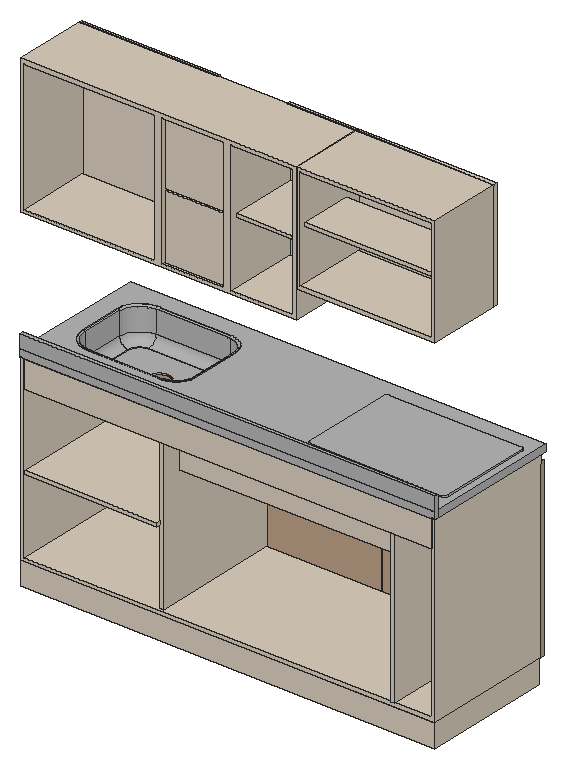
Revit family "CM0006781_Cocina Savona Izquierda", category Generic Models, host Wall, Revit 2019
Family settings
  Host = Wall
  Can host rebar = No
  Round Connector Dimension = Use Diameter
  Part Type = Normal
  OmniClass Number = 23.21.23.23.13
  OmniClass Title = Residential Food Cookers
  Always vertical = Yes
  Cut with Voids When Loaded = No
  Shared = No
  Room Calculation Point = No
Parameters (values of type "Ref. CM0006781 COCINA SAVONA 1.80 IZQUIERDA")
  URL = "https://corona.co/productos/muebles-para-cocinas/cocina-savona/p/cocina-savona-derecha"
  Resistencia a la humedad = "Hinchamiento < o =8%."  # constant formula
  Profundidad Mueble Superior = 335.0 mm
  Profundidad Mueble Inferior = 592.0 mm
  Peso Neto aproximado mueble superior = "52,4 kg."  # constant formula
  Peso Neto aproximado mueble inferior = "67,2 kg."  # constant formula
  Material puertas Modulo inferior = Corona_Madera_Coñac
  Material modulo superior = Corona_MDP_Taupe
  Material mesón = Corona_Cuarzo
  Material Modulo inferior = Corona_MDP_Taupe
  Manufacturer = "Corona"  # constant formula
  Garantía del mesón = "10 años"  # constant formula
  Garantía de los herrajes = "1 año"  # constant formula
  Garantía de la madera = "1 año"  # constant formula
  Dimensiones generales mueble superior (H*W*L). = "613 x 335 x 1799mm."  # constant formula
  Dimensiones generales del mueble inferior (H*W*L) = "890 x 592 x 1799mm."  # constant formula
  Description = "Esta cocina de diseño contemporáneo está disponible en una combinación de color Taupé, en su mueble superior, y Coñac en su mueble inferior, generando un contraste de tonos acorde a las tendencias actuales de diseño. Asímismo, se complementa con el detalle de un nicho metálico en el mueble superior.\r\nSus puertas lisas (sin manijas expuestas) aportan limpieza y continuidad al diseño, lo cual se complementa con un mesón en CoronaStone®. Incluye lavaplatos y cubierta con 4 fogones integrados, además de accesorios como vajillero en acero inoxidable, cajón doble con cubertero y cajón condimentero de dos niveles, para hacer más cómodo tu almacenamiento.\r\nEn todo el mueble, los cantos o recubrimiento de bordes cuentan con mayor espesor y rigidez al estándar del mercado, brindando un acabado estético superior y mayor protección a posibles filtraciones de humedad.\r\nMesón CoronaStone® con lavaplatos y cubierta integrados.\r\nDisfruta de la máxima capacidad de almacenamiento y comodidad en el uso, esta es la solución integral de fácil instalación."  # constant formula
  Date Created = "03/08/2020"  # constant formula
  Created by = "IDD"  # constant formula
  Carga máxima mueble inferior = "90 kg."  # constant formula
  Carga máxima Mueble Superior = "42 kg."  # constant formula
  Ancho Mueble inferior = 1799.0 mm
  Ancho Mueble Superior = 1799.0 mm
  Alto Mueble Superior = 613.0 mm
  Alto Mueble Inferior = 890.5 mm
Reference planes
  plane 1 "Wall": y = 0
  plane 2 "Center (Left/Right)": x = 125
  plane 3 "Back": y = 75
  plane 4: x = -774.5
  plane 5: x = 1024.5
  plane 6: y = 667
  plane 7: x = -759.5
  plane 8: x = -180.5
  plane 9: x = 849.5
  plane 10: x = 1009.5
  plane 11: x = 834.5
  plane 12: x = -165.5
  plane 13: y = 652
  plane 14: y = 90
  plane 15: z = 890.5
  plane 16: y = 563
  plane 17: y = 548
  plane 18: z = 100.5
  plane 19: z = 115.5
  plane 20: z = 440
  plane 21: z = 455
  plane 22: z = 770.5
  plane 23: z = 860.5
  plane 24: x = 337.5
  plane 25: x = 331.5
  plane 26: z = 505.5
  plane 27: y = 638
  plane 28: z = 520.5
  plane 29: z = 624.5
  plane 30: z = 634.5
  plane 31: z = 765.5
  plane 32: y = 161.5
  plane 33: z = 649.5
  plane 34: x = -150.5
  plane 35: x = 819.5
  plane 36: x = 804.5
  plane 37: x = -135.5
  plane 38: y = 176.5
  plane 39: z = 535.5
  plane 40: z = 565.5
  plane 41: z = 920
  plane 42: z = 1440
  plane 43: z = 2053
  plane 44: z = 1577
  plane 45: y = 395
  plane 46: y = 410
  plane 47: x = 1024.5
  plane 48: x = -774.5
  plane 49: x = 1009.5
  plane 50: x = -759.5
  plane 51: x = -189.5
  plane 52: x = -159.5
  plane 53: x = 109.5
  plane 54: x = 140
  plane 55: x = 409
  plane 56: x = 439
  plane 57: y = 325
  plane 58: y = 98
  plane 59: z = 1455
  plane 60: z = 2038
  plane 61: z = 1592
  plane 62: z = 1470
  plane 63: x = 424
  plane 64: z = 1816.5
  plane 65: z = 1831.5
  plane 66: z = 1746
  plane 67: z = 1761
  plane 68: z = 1470.5
  plane 69: z = 2037.5
  plane 70: y = 88
  plane 71: y = 75
Forms (mm)
  Extrusion 1, solid, material "Corona_MDP_Taupe" <- "Material Modulo inferior", detail levels medium+fine
    sketch origin (0, 0, 0) x (1, 0, 0) y (0, 1, 0)
      loop
        line (-774.5, 652) -> (-774.5, 75) -> (1024.5, 75) -> (1024.5, 652) -> (-774.5, 652)
    from 100.5 to 890.5
  Extrusion 2, void, detail levels medium+fine
    sketch origin (0, 0, 0) x (1, 0, 0) y (0, 1, 0)
      loop
        line (-759.5, 652) -> (-759.5, 75) -> (1009.5, 75) -> (1009.5, 652) -> (-759.5, 652)
    from 115.5 to 890.5
  Extrusion 3, solid, material "Corona_MDP_Taupe" <- "Material Modulo inferior", detail levels medium+fine
    sketch origin (0, 0, 0) x (1, 0, 0) y (0, 1, 0)
      loop
        line (-165.5, 90) -> (-165.5, 652) -> (-180.5, 652) -> (-180.5, 90) -> (-165.5, 90)
    from 115.5 to 770.5
  Extrusion 4, solid, material "Corona_MDP_Taupe" <- "Material Modulo inferior", detail levels medium+fine
    sketch origin (0, 0, 0) x (1, 0, 0) y (0, 1, 0)
      loop
        line (849.5, 75) -> (849.5, 652) -> (834.5, 652) -> (834.5, 75) -> (849.5, 75)
    from 115.5 to 770.5
  Extrusion 5, solid, material "Corona_MDP_Taupe" <- "Material Modulo inferior", detail levels medium+fine
    sketch origin (0, 0, 0) x (1, 0, 0) y (0, 0, 1)
      loop
        line (-759.5, 440) -> (-180.5, 440) -> (-180.5, 455) -> (-759.5, 455) -> (-759.5, 440)
    from -623 to -75
  Extrusion 6, solid, material "Corona_Madera_Coñac" <- "Material puertas Modulo inferior", detail levels medium+fine
    sketch origin (0, 0, 0) x (1, 0, 0) y (0, 0, 1)
      loop
        line (1024.5, 100.5) -> (1024.5, 860.5) -> (849.5, 860.5) -> (849.5, 100.5) -> (1024.5, 100.5)
    from -667 to -652
  Extrusion 7, solid, material "Corona_Madera_Coñac" <- "Material puertas Modulo inferior", detail levels medium+fine
    sketch origin (0, 0, 0) x (1, 0, 0) y (0, 0, 1)
      loop
        line (-774.5, 100.5) -> (-180.5, 100.5) -> (-180.5, 860.5) -> (-774.5, 860.5) -> (-774.5, 100.5)
    from -667 to -652
  Extrusion 8, solid, material "Corona_MDP_Taupe" <- "Material Modulo inferior", detail levels medium+fine
    sketch origin (125, 0, 0) x (0, 1, 0) y (0, 0, 1)
      loop
        line (638, 0) -> (638, 100.5) -> (75, 100.5) -> (75, 0) -> (638, 0)
    from -899.5 to 899.5
  Extrusion 9, solid, material "Corona_Madera_Coñac" <- "Material puertas Modulo inferior", detail levels medium+fine
    sketch origin (0, 0, 0) x (1, 0, 0) y (0, 0, 1)
      loop
        line (849.5, 100.5) -> (849.5, 535.5) -> (337.5, 535.5) -> (337.5, 100.5) -> (849.5, 100.5)
    from -667 to -652
  Extrusion 10, solid, material "Corona_Madera_Coñac" <- "Material puertas Modulo inferior", detail levels medium+fine
    sketch origin (-518, 0, 0) x (1, 0, 0) y (0, 0, 1)
      loop
        line (849.5, 100.5) -> (849.5, 535.5) -> (337.5, 535.5) -> (337.5, 100.5) -> (849.5, 100.5)
    from -667 to -652
  Extrusion 11, solid, material "Corona_Madera_Coñac" <- "Material puertas Modulo inferior", detail levels medium+fine
    sketch origin (0, 0, 354.5) x (1, 0, 0) y (0, 0, 1)
      loop
        line (849.5, 211) -> (849.5, 506) -> (-180.5, 506) -> (-180.5, 211) -> (849.5, 211)
    from -667 to -652
  Extrusion 12, solid, material "Corona_MDP_Taupe" <- "Material Modulo inferior", detail levels medium+fine
    sketch origin (125, 0, 0) x (0, 1, 0) y (0, 0, 1)
      loop
        line (652, 505.5) -> (652, 520.5) -> (548, 520.5) -> (548, 505.5) -> (652, 505.5)
    from -290.5 to 709.5
  Extrusion 13, solid, material "Corona_MDP_Taupe" <- "Material Modulo inferior", detail levels medium+fine
    sketch origin (125, 117.5, 1172.5) x (0, 0, -1) y (0, 1, 0)
      loop
        line (652, 505.5) -> (652, 520.5) -> (548, 520.5) -> (548, 505.5) -> (652, 505.5)
    from -290.5 to 709.5
  Extrusion 14, solid, material "Corona_MDP_Taupe" <- "Material Modulo inferior", detail levels medium+fine
    sketch origin (125, 0, 0) x (0, 1, 0) y (0, 0, 1)
      loop
        line (176.5, 634.5) -> (652, 634.5) -> (652, 649.5) -> (176.5, 649.5) -> (176.5, 634.5)
    from -260.5 to 679.5
  Extrusion 15, solid, material "Corona_MDP_Taupe" <- "Material Modulo inferior", detail levels medium+fine
    sketch origin (0, 0, 0) x (1, 0, 0) y (0, 0, 1)
      loop
        line (-150.5, 765.5) -> (-150.5, 634.5) -> (-135.5, 634.5) -> (-135.5, 765.5) -> (-150.5, 765.5)
    from -652 to -176.5
  Extrusion 16, solid, material "Corona_MDP_Taupe" <- "Material Modulo inferior", detail levels medium+fine
    sketch origin (125, 0, 0) x (0, 1, 0) y (0, 0, 1)
      loop
        line (161.5, 634.5) -> (176.5, 634.5) -> (176.5, 765.5) -> (161.5, 765.5) -> (161.5, 634.5)
    from -275.5 to 694.5
  Extrusion 17, solid, material "Corona_MDP_Taupe" <- "Material Modulo inferior", detail levels medium+fine
    sketch origin (955, 0, 0) x (1, 0, 0) y (0, 0, 1)
      loop
        line (-150.5, 765.5) -> (-150.5, 634.5) -> (-135.5, 634.5) -> (-135.5, 765.5) -> (-150.5, 765.5)
    from -652 to -176.5
  Extrusion 18, solid, material "Corona_MDP_Taupe" <- "Material Modulo inferior", detail levels medium+fine
    sketch origin (125, 117.5, 1438.5) x (0, 0, -1) y (0, 1, 0)
      loop
        line (668, 505.5) -> (668, 520.5) -> (548, 520.5) -> (548, 505.5) -> (668, 505.5)
    from -884.5 to 884.5
  Extrusion 19, solid, material "Corona_MDP_Taupe" <- "Material Modulo inferior", detail levels medium+fine
    sketch origin (125, -430.5, 1438.5) x (0, 0, -1) y (0, 1, 0)
      loop
        line (668, 505.5) -> (668, 520.5) -> (548, 520.5) -> (548, 505.5) -> (668, 505.5)
    from -884.5 to 884.5
  Extrusion 20, solid, material "Corona_MDP_Taupe" <- "Material modulo superior", detail levels medium+fine
    sketch origin (0, 0, 0) x (1, 0, 0) y (0, 0, 1)
      loop
        line (424, 1577) -> (1024.5, 1577) -> (1024.5, 2053) -> (424, 2053) -> (424, 1577)
    from -395 to -75
  Extrusion 21, solid, material "Corona_MDP_Taupe" <- "Material modulo superior", detail levels medium+fine
    sketch origin (0, 0, 0) x (1, 0, 0) y (0, 0, 1)
      loop
        line (-774.5, 2053) -> (-774.5, 1455) -> (424, 1455) -> (424, 2053) -> (-774.5, 2053)
    from -395 to -75
  Extrusion 22, void, detail levels medium+fine
    sketch origin (0, 0, 0) x (1, 0, 0) y (0, 0, 1)
      loop
        line (1009.5, 2038) -> (439, 2038) -> (439, 1592) -> (1009.5, 1592) -> (1009.5, 2038)
    from -395 to -75
  Extrusion 23, void, detail levels medium+fine
    sketch origin (0, 0, 0) x (1, 0, 0) y (0, 0, 1)
      loop
        line (409, 2038) -> (140, 2038) -> (140, 1470) -> (409, 1470) -> (409, 2038)
    from -395 to -75
  Extrusion 24, void, detail levels medium+fine
    sketch origin (0, 0, 0) x (1, 0, 0) y (0, 0, 1)
      loop
        line (109.5, 2038) -> (-159.5, 2038) -> (-159.5, 1470) -> (109.5, 1470) -> (109.5, 2038)
    from -395 to -75
  Extrusion 25, void, detail levels medium+fine
    sketch origin (0, 0, 0) x (1, 0, 0) y (0, 0, 1)
      loop
        line (-189.5, 2038) -> (-759.5, 2038) -> (-759.5, 1470) -> (-189.5, 1470) -> (-189.5, 2038)
    from -395 to -75
  Extrusion 26, solid, material "Corona_MDP_Taupe" <- "Material modulo superior", detail levels medium+fine
    sketch origin (0, 0, 0) x (1, 0, 0) y (0, 0, 1)
      loop
        line (439, 1831.5) -> (439, 1816.5) -> (1009.5, 1816.5) -> (1009.5, 1831.5) -> (439, 1831.5)
    from -325 to -98
  Extrusion 27, solid, material "Corona_MDP_Taupe" <- "Material modulo superior", detail levels medium+fine
    sketch origin (0, 0, 0) x (1, 0, 0) y (0, 0, 1)
      loop
        line (409, 1761) -> (140, 1761) -> (140, 1746) -> (409, 1746) -> (409, 1761)
    from -395 to -98
  Extrusion 28, solid, material "Corona_MDP_Taupe" <- "Material modulo superior", detail levels medium+fine
    sketch origin (0, 0, 0) x (1, 0, 0) y (0, 0, 1)
      loop
        line (109.5, 1761) -> (-159.5, 1761) -> (-159.5, 1746) -> (109.5, 1746) -> (109.5, 1761)
    from -395 to -98
  Extrusion 29, solid, material "Corona_MDP_Taupe" <- "Material modulo superior", detail levels medium+fine
    sketch origin (0, 0, 0) x (1, 0, 0) y (0, 0, 1)
      loop
        line (1024.5, 2053) -> (424, 2053) -> (424, 1577) -> (1024.5, 1577) -> (1024.5, 2053)
    from -410 to -395
  Extrusion 30, solid, material "Corona_MDP_Taupe" <- "Material modulo superior", detail levels medium+fine
    sketch origin (0, 0, 0) x (1, 0, 0) y (0, 0, 1)
      loop
        line (-774.5, 2053) -> (-774.5, 1440) -> (-175.25, 1440) -> (-175.25, 2053) -> (-774.5, 2053)
    from -410 to -395
  Extrusion 31, solid, material "Corona_MDP_Taupe" <- "Material modulo superior", detail levels medium+fine
    sketch origin (0, 0, 0) x (1, 0, 0) y (0, 0, 1)
      loop
        line (424, 2053) -> (125, 2053) -> (125, 1440) -> (424, 1440) -> (424, 2053)
    from -410 to -395
  Extrusion 32, solid, material "Corona_MDP_Taupe" <- "Material modulo superior", detail levels medium+fine
    sketch origin (0, 0, 0) x (1, 0, 0) y (0, 0, 1)
      loop
        line (-164.5, 1751) -> (-164.5, 1465) -> (114.5, 1465) -> (114.5, 1751) -> (-164.5, 1751)
      loop
        line (-164.5, 2043) -> (-164.5, 1756) -> (114.5, 1756) -> (114.5, 2043) -> (-164.5, 2043)
    from -98 to -88
  Extrusion 33, solid, material "Corona_MDP_Taupe" <- "Material modulo superior", detail levels coarse
    sketch origin (0, 0, 0) x (1, 0, 0) y (0, 0, 1)
      loop
        line (1024.5, 2053) -> (-774.5, 2053) -> (-774.5, 1440) -> (1024.5, 1440) -> (1024.5, 2053)
    from -410 to -75
  Extrusion 34, solid, material "Corona_MDP_Taupe" <- "Material Modulo inferior", detail levels coarse
    sketch origin (0, 0, 0) x (1, 0, 0) y (0, 0, 1)
      loop
        line (1024.5, 890.5) -> (-774.5, 890.5) -> (-774.5, 0) -> (1024.5, 0) -> (1024.5, 890.5)
    from -667 to -75
Cuts and joins
  Extrusion 2 cuts Extrusion 1
  Extrusion 22 cuts Extrusion 20
  Extrusion 23, Extrusion 24, Extrusion 25 cuts Extrusion 21
Text (mm)
  text "Placement Side" at (-2487.574, 1116.779, 0), in view "Ref. Level"
  text "Placement side" at (0, 1409.804, 2854.306), in view "Left"
  text "Placement side" at (0, 499.811, 2980.732), in view "Right"
Dimensions and locks
  locked: plane 3 "Back" to host wall
  equal spacing: plane 4, plane 2 "Center (Left/Right)", plane 5
  "Ancho Mueble inferior": plane 4 to plane 5
  "Profundidad Mueble Inferior": plane 6 to plane 3 "Back"
  "Alto Mueble Inferior": level to plane 15
  plane 13 to plane 3 "Back" = 577.0 mm
  plane 10 to plane 9 = 160.0 mm
  plane 18 to plane 23 = 760.0 mm
  plane 8 to plane 7 = 579.0 mm
  plane 26 to plane 19 = 390.0 mm
  plane 15 to level = 890.5 mm
  plane 13 to host wall = 577.0 mm
  plane 27 to plane 3 "Back" = 563.0 mm
  plane 9 to plane 24 = 512.0 mm
  plane 25 to plane 8 = 512.0 mm
  plane 28 to plane 26 = 15.0 mm
  plane 31 to plane 30 = 131.0 mm
  plane 13 to plane 32 = 490.5 mm
  plane 37 to plane 36 = 940.0 mm
  plane 19 to plane 20 = 324.5 mm
  plane 21 to plane 22 = 315.5 mm
  level to plane 18 = 100.5 mm
  plane 6 to plane 13 = 15.0 mm
  level to plane 41 = 920.0 mm
  plane 41 to plane 42 = 520.0 mm
  "Alto Mueble Superior": plane 42 to plane 43
  plane 44 to plane 43 = 476.0 mm
  plane 45 to plane 3 "Back" = 320.0 mm
  plane 46 to plane 3 "Back" = 335.0 mm
  plane 46 to plane 45 = 15.0 mm  (x2)
  plane 51 to plane 50 = 570.0 mm
  plane 53 to plane 52 = 269.0 mm
  plane 55 to plane 54 = 269.0 mm
  plane 49 to plane 56 = 570.5 mm
  "Profundidad Mueble Superior": plane 46 to plane 71
  plane 45 to host wall = 320.0 mm
  plane 57 to host wall = 250.0 mm
  plane 45 to plane 58 = 297.0 mm
  plane 42 to Extrusion 20 = 613.0 mm
  plane 61 to plane 64 = 224.5 mm
  plane 65 to plane 60 = 206.5 mm
  plane 68 to plane 66 = 275.5 mm
  plane 67 to plane 69 = 276.5 mm
  cut or joined group of Extrusion 21, Extrusion 23, Extrusion 24, Extrusion 25 to Extrusion 30 = 598.0 mm
  "Ancho Mueble Superior": plane 47 to plane 48
  aligned and locked: plane 1 "Wall" to host wall
  aligned and locked: plane 4 to Extrusion 1 sketch curve
  aligned and locked: host wall to Extrusion 1 sketch curve
  aligned and locked: Extrusion 1 sketch curve to plane 5
  aligned and locked: plane 13 to Extrusion 1
  aligned and locked: Extrusion 2 sketch curve to plane 13
  aligned and locked: plane 7 to Extrusion 2 sketch curve
  aligned and locked: host wall to Extrusion 2 sketch curve
  aligned and locked: Extrusion 2 sketch curve to plane 10
  aligned and locked: Extrusion 1 to Extrusion 2
  aligned and locked: Extrusion 2 to plane 19
  aligned and locked: Extrusion 3 sketch curve to plane 12
  aligned and locked: Extrusion 3 sketch curve to plane 13
  aligned and locked: plane 8 to Extrusion 3 sketch curve
  aligned and locked: host wall to Extrusion 4 sketch curve
  aligned and locked: Extrusion 4 sketch curve to plane 9
  aligned and locked: Extrusion 4 sketch curve to plane 13
  aligned and locked: plane 11 to Extrusion 4 sketch curve
  aligned and locked: plane 22 to Extrusion 4
  aligned and locked: cut or joined group of Extrusion 1, Extrusion 2 to Extrusion 4
  aligned and locked: Extrusion 5 sketch curve to plane 20
  aligned and locked: Extrusion 5 sketch curve to plane 7
  aligned and locked: plane 21 to Extrusion 5 sketch curve
  aligned and locked: plane 8 to Extrusion 5 sketch curve
  aligned and locked: Extrusion 5 to host wall
  aligned and locked: plane 18 to Extrusion 6 sketch curve
  aligned and locked: Extrusion 6 sketch curve to plane 5
  aligned and locked: Extrusion 6 sketch curve to Extrusion 4
  aligned and locked: plane 23 to Extrusion 6
  aligned and locked: Extrusion 6 to plane 18
  aligned and locked: Extrusion 7 sketch curve to plane 18
  aligned and locked: Extrusion 7 sketch curve to plane 4
  aligned and locked: plane 23 to Extrusion 7 sketch curve
  aligned and locked: plane 8 to Extrusion 7 sketch curve
  aligned and locked: plane 6 to Extrusion 7
  aligned and locked: Extrusion 7 to plane 13
  aligned and locked: Extrusion 1 to plane 18
  aligned and locked: level to Extrusion 8 sketch curve
  aligned and locked: Extrusion 8 sketch curve to plane 27
  aligned and locked: Extrusion 8 sketch curve to cut or joined group of Extrusion 1, Extrusion 2  (x2)
  aligned and locked: Extrusion 8 to plane 4
  aligned and locked: plane 5 to Extrusion 8
  aligned and locked: Extrusion 6 to Extrusion 9 sketch curve  (x2)
  aligned and locked: plane 24 to Extrusion 9 sketch curve
  aligned and locked: plane 6 to Extrusion 9
  aligned and locked: Extrusion 9 to plane 13
  aligned and locked: plane 25 to Extrusion 10
  aligned and locked: cut or joined group of Extrusion 1, Extrusion 2 to Extrusion 10
  aligned and locked: Extrusion 10 to plane 8
  aligned and locked: Extrusion 11 to Extrusion 6
  aligned and locked: Extrusion 11 to plane 8
  aligned and locked: plane 26 to Extrusion 12 sketch curve
  aligned and locked: Extrusion 12 sketch curve to plane 13
  aligned and locked: Extrusion 12 sketch curve to plane 28
  aligned and locked: plane 17 to Extrusion 12 sketch curve
  aligned and locked: Extrusion 13 to plane 28
  aligned and locked: plane 29 to Extrusion 13
  aligned and locked: Extrusion 14 sketch curve to plane 30
  aligned and locked: plane 33 to Extrusion 14 sketch curve
  aligned and locked: plane 13 to Extrusion 14 sketch curve
  aligned and locked: Extrusion 15 sketch curve to plane 31
  aligned and locked: plane 34 to Extrusion 15 sketch curve
  aligned and locked: Extrusion 14 to plane 38
  aligned and locked: Extrusion 15 to Extrusion 14
  aligned and locked: plane 13 to Extrusion 15
  aligned and locked: Extrusion 16 sketch curve to plane 30
  aligned and locked: Extrusion 16 sketch curve to plane 32
  aligned and locked: Extrusion 15 to Extrusion 16 sketch curve
  aligned and locked: Extrusion 16 sketch curve to Extrusion 15
  aligned and locked: Extrusion 16 to plane 34
  aligned and locked: plane 35 to Extrusion 16
  aligned and locked: plane 31 to Extrusion 17
  aligned and locked: Extrusion 17 to Extrusion 14  (x2)
  aligned and locked: plane 35 to Extrusion 17
  aligned and locked: Extrusion 17 to plane 30
  aligned and locked: plane 39 to Extrusion 10
  aligned and locked: Extrusion 9 to Extrusion 10
  aligned and locked: Extrusion 11 to plane 40
  aligned and locked: Extrusion 12 to plane 12
  aligned and locked: plane 11 to Extrusion 12
  aligned and locked: plane 11 to Extrusion 13
  aligned and locked: Extrusion 13 to plane 12
  aligned and locked: cut or joined group of Extrusion 1, Extrusion 2 to Extrusion 19
  aligned and locked: Extrusion 19 to cut or joined group of Extrusion 1, Extrusion 2
  aligned and locked: Extrusion 20 sketch curve to plane 63
  aligned and locked: plane 43 to Extrusion 20 sketch curve
  aligned and locked: plane 47 to Extrusion 20 sketch curve
  aligned and locked: Extrusion 20 sketch curve to plane 44
  aligned and locked: plane 45 to Extrusion 20
  aligned and locked: Extrusion 20 to host wall
  aligned and locked: Extrusion 21 sketch curve to plane 43
  aligned and locked: plane 48 to Extrusion 21 sketch curve
  aligned and locked: plane 59 to Extrusion 21 sketch curve
  aligned and locked: Extrusion 21 sketch curve to plane 63
  aligned and locked: plane 45 to Extrusion 21
  aligned and locked: Extrusion 21 to host wall
  aligned and locked: plane 60 to Extrusion 22 sketch curve
  aligned and locked: plane 49 to Extrusion 22 sketch curve
  aligned and locked: Extrusion 22 sketch curve to plane 61
  aligned and locked: Extrusion 22 sketch curve to plane 56
  aligned and locked: plane 45 to Extrusion 22
  aligned and locked: Extrusion 22 to host wall
  aligned and locked: plane 60 to Extrusion 23 sketch curve
  aligned and locked: plane 55 to Extrusion 23 sketch curve
  aligned and locked: Extrusion 23 sketch curve to plane 62
  aligned and locked: Extrusion 23 sketch curve to plane 54
  aligned and locked: plane 45 to Extrusion 23
  aligned and locked: Extrusion 23 to host wall
  aligned and locked: plane 60 to Extrusion 24 sketch curve
  aligned and locked: plane 53 to Extrusion 24 sketch curve
  aligned and locked: Extrusion 24 sketch curve to plane 62
  aligned and locked: Extrusion 24 sketch curve to plane 52
  aligned and locked: plane 45 to Extrusion 24
  aligned and locked: Extrusion 24 to host wall
  aligned and locked: plane 60 to Extrusion 25 sketch curve
  aligned and locked: plane 51 to Extrusion 25 sketch curve
  aligned and locked: Extrusion 25 sketch curve to plane 62
  aligned and locked: Extrusion 25 sketch curve to plane 50
  aligned and locked: plane 45 to Extrusion 25
  aligned and locked: Extrusion 25 to host wall
  aligned and locked: Extrusion 26 sketch curve to plane 65
  aligned and locked: plane 56 to Extrusion 26 sketch curve
  aligned and locked: plane 64 to Extrusion 26 sketch curve
  aligned and locked: Extrusion 26 sketch curve to plane 49
  aligned and locked: plane 57 to Extrusion 26
  aligned and locked: Extrusion 26 to plane 58
  aligned and locked: plane 67 to Extrusion 27 sketch curve
  aligned and locked: plane 55 to Extrusion 27 sketch curve
  aligned and locked: Extrusion 27 sketch curve to plane 66
  aligned and locked: Extrusion 27 sketch curve to plane 54
  aligned and locked: plane 45 to Extrusion 27
  aligned and locked: Extrusion 27 to plane 58
  aligned and locked: plane 67 to Extrusion 28 sketch curve
  aligned and locked: plane 53 to Extrusion 28 sketch curve
  aligned and locked: Extrusion 28 sketch curve to plane 66
  aligned and locked: Extrusion 28 sketch curve to plane 52
  aligned and locked: plane 45 to Extrusion 28
  aligned and locked: Extrusion 28 to plane 58
  aligned and locked: Extrusion 29 sketch curve to cut or joined group of Extrusion 20, Extrusion 22  (x4)
  aligned and locked: plane 46 to Extrusion 29
  aligned and locked: Extrusion 29 to plane 45
  aligned and locked: Extrusion 30 sketch curve to cut or joined group of Extrusion 21, Extrusion 23, Extrusion 24, Extrusion 25  (x2)
  aligned and locked: Extrusion 30 to plane 42
  aligned and locked: Extrusion 31 sketch curve to cut or joined group of Extrusion 21, Extrusion 23, Extrusion 24, Extrusion 25  (x2)
  aligned and locked: Extrusion 31 sketch curve to plane 42
  aligned and locked: Extrusion 31 sketch curve to plane 2 "Center (Left/Right)"
  aligned and locked: plane 46 to Extrusion 31
  aligned and locked: Extrusion 31 to plane 45
  aligned and locked: plane 58 to Extrusion 32
  aligned and locked: Extrusion 32 to plane 70
  aligned and locked: Extrusion 33 sketch curve to Extrusion 29  (x2)
  aligned and locked: Extrusion 33 sketch curve to Extrusion 31
  aligned and locked: Extrusion 33 sketch curve to Extrusion 30
  aligned and locked: plane 46 to Extrusion 33
  aligned and locked: Extrusion 33 to host wall
  aligned and locked: Extrusion 34 sketch curve to Extrusion 18
  aligned and locked: Extrusion 34 sketch curve to Extrusion 8
  aligned and locked: Extrusion 34 sketch curve to Extrusion 7
  aligned and locked: Extrusion 34 sketch curve to Extrusion 6
  aligned and locked: plane 6 to Extrusion 34
  aligned and locked: Extrusion 34 to host wall
  aligned and locked: Extrusion 19 to plane 22
  aligned and locked: Extrusion 18 to plane 22
Automatic sketch dimensions
  Extrusion 1 sketch curve to plane 13 = 0.0 mm
  Extrusion 6 sketch curve to plane 23 = 0.0 mm
  Extrusion 9 sketch curve to plane 39 = 0.0 mm
  Extrusion 10 sketch curve to plane 8 = 0.0 mm
  Extrusion 10 sketch curve to plane 18 = 0.0 mm
  Extrusion 10 sketch curve to plane 25 = 0.0 mm
  Extrusion 10 sketch curve to plane 39 = 0.0 mm
  Extrusion 11 sketch curve to plane 8 = 0.0 mm
  Extrusion 11 sketch curve to plane 9 = 0.0 mm
  Extrusion 11 sketch curve to plane 40 = 0.0 mm
  Extrusion 11 sketch curve to plane 23 = 0.0 mm
  Extrusion 13 sketch curve to plane 29 = 0.0 mm
  Extrusion 13 sketch curve to plane 27 = 0.0 mm
  Extrusion 13 sketch curve to plane 28 = 0.0 mm
  Extrusion 13 sketch curve to plane 27 = 15.0 mm
  Extrusion 14 sketch curve to plane 38 = 0.0 mm
  Extrusion 15 sketch curve to plane 30 = 0.0 mm
  plane 37 to Extrusion 15 sketch curve = 0.0 mm
  Extrusion 17 sketch curve to plane 30 = 0.0 mm
  plane 36 to Extrusion 17 sketch curve = 0.0 mm
  Extrusion 17 sketch curve to plane 35 = 0.0 mm
  Extrusion 17 sketch curve to plane 31 = 0.0 mm
  Extrusion 18 sketch curve to plane 15 = 0.0 mm
  Extrusion 18 sketch curve to plane 27 = 0.0 mm
  plane 22 to Extrusion 18 sketch curve = 0.0 mm
  Extrusion 18 sketch curve to plane 27 = 15.0 mm
  Extrusion 19 sketch curve to host wall = 0.0 mm
  Extrusion 19 sketch curve to plane 15 = 0.0 mm
  Extrusion 19 sketch curve to plane 14 = 0.0 mm
  plane 22 to Extrusion 19 sketch curve = 0.0 mm
  Extrusion 3 sketch curve to plane 14 = 0.0 mm
  plane 8 to Extrusion 30 sketch curve = 5.25 mm
  Extrusion 30 sketch curve to plane 59 = 15.0 mm
  plane 12 to Extrusion 32 sketch curve = 1.0 mm  (x2)
  plane 53 to Extrusion 32 sketch curve = 5.0 mm  (x2)
  Extrusion 32 sketch curve to Extrusion 32 sketch curve = 291.0 mm
  plane 66 to Extrusion 32 sketch curve = 5.0 mm
  plane 60 to Extrusion 32 sketch curve = 5.0 mm
  Extrusion 32 sketch curve to plane 67 = 5.0 mm
Nested families
  nested 1: "Mesón coronastone" at (124.5, 75, 890.5) x (-1, 0, 0) z (0, 0, 1), type "Mesón coronastone"
  nested 2: "Family14" at (124, 652, 0), type "Family14"
  nested 3: "Family16" at (125, 75, 1440) x (0, -1, 0) z (1, 0, 0), type "Family16"
  nested 4: "Family15" at (125, 371, 0) x (0, -1, 0) z (1, 0, 0), type "Family15"
  nested 5: "Family18" at (-94.5, 0, 0) x (1, 0, 0) z (0, -1, 0), type "Family18"
  nested 6: "Family17" at (70.236, 0, 1249.984) x (1, 0, 0) z (0, -1, 0), type "Family17"
Definition of nested family "Mesón coronastone"
  Parameters (values of type "Mesón coronastone")
    Profundidad = 600.0 mm
    Material = none
    Date Created = "15/07/2020"  # constant formula
    Created by = "IDD"  # constant formula
    Ancho = 1800.0 mm
    Alto = 150.0 mm
  Reference planes
    plane 1 "Center (Front/Back)": y = 0
    plane 2: z = 0
    plane 3 "Center (Left/Right)": x = 0
    plane 4: x = 900
    plane 5: y = -600
    plane 6: z = 30
    plane 7: y = -15
    plane 8: z = 90
    plane 9: z = -120
    plane 10: x = -521.466
    plane 11: y = -328.73
    plane 12: z = 35
    plane 13: y = -102
    plane 14: y = -520
    plane 15: x = 287
    plane 16: x = 855
    plane 17: x = 568.952
    plane 18: x = -900
    plane 19: y = -137.455
    plane 20: y = -90.955
    plane 21: x = -812
    plane 22: x = -321.053
    plane 23: x = -584
    plane 24: x = -558.277
    plane 25: y = -328.73
    plane 26: y = -102
    plane 27: y = -520
    plane 28: x = -287
    plane 29: x = -855
    plane 30: x = -568.952
    plane 31: x = 900
    plane 32: y = -137.455
    plane 33: y = -90.955
    plane 34: x = 812
    plane 35: x = 321.053
    plane 36: x = 584
    plane 37: x = 558.277
    plane 38: y = -328.73
  Forms (mm)
    Extrusion 1, solid, material <- "Material", detail levels medium+fine
      sketch origin (0, 0, 0) x (1, 0, 0) y (0, 1, 0)
        loop
          line (-900, 0) -> (-900, -15) -> (900, -15) -> (900, 0) -> (-900, 0)
      from 0 to 90
    Extrusion 2, void, not visible
      sketch origin (0, 0, 0) x (1, 0, 0) y (0, 1, 0)
        loop
          line (-361.173, -137.455) -> (-681.758, -137.455)
          arc (-681.758, -137.455) -> (-751.53, -166.356) -> (-780.43, -236.128) r 98.672
          line (-780.43, -236.128) -> (-780.43, -421.478)
          arc (-780.43, -421.478) -> (-751.574, -491.144) -> (-681.908, -520) r 98.522
          line (-681.908, -520) -> (-361.168, -520)
          arc (-361.168, -520) -> (-303.067, -495.934) -> (-279.001, -437.833) r 82.167
          line (-279.001, -437.833) -> (-279.001, -219.628)
          arc (-279.001, -219.628) -> (-303.069, -161.523) -> (-361.173, -137.455) r 82.172
      from -11.938 to 52.655
    Sweep 3, solid, not visible
      path origin (0, 0, 0) x (1, 0, 0) y (0, 1, 0)
        loop
          line (-361.173, -137.455) -> (-681.758, -137.455)
          arc (-681.758, -137.455) -> (-751.53, -166.356) -> (-780.43, -236.128) r 98.672
          line (-780.43, -236.128) -> (-780.43, -421.478)
          arc (-780.43, -421.478) -> (-751.574, -491.144) -> (-681.908, -520) r 98.522
          line (-681.908, -520) -> (-361.168, -520)
          arc (-361.168, -520) -> (-303.067, -495.934) -> (-279.001, -437.833) r 82.167
          line (-279.001, -437.833) -> (-279.001, -219.628)
          arc (-279.001, -219.628) -> (-303.069, -161.523) -> (-361.173, -137.455) r 82.172
      profile origin (-521.466, -137.455, 0) x (0, -1, 0) y (0, 0, 1)
        loop
          line (5.241, 23.624) -> (5.241, -72.642)
          arc (5.241, -72.642) -> (18.364, -101.497) -> (46.516, -116.067) r 48.459
          line (46.516, -116.067) -> (46.516, -112.628)
          arc (46.516, -112.628) -> (20.712, -99.032) -> (8.641, -72.48) r 45.059
          line (8.641, -72.48) -> (8.641, 24.296)
          arc (8.641, 24.296) -> (5.267, 28.581) -> (0, 30) r 8.662
          line (0, 30) -> (0, 26.591)
          arc (0, 26.591) -> (3.087, 25.931) -> (5.241, 23.624) r 5.262
    Extrusion 4, solid, not visible
      sketch origin (0, 0, 0) x (1, 0, 0) y (0, 1, 0)
        loop
          arc (-681.758, -183.971) -> (-718.638, -199.247) -> (-733.915, -236.128) r 52.157
          line (-733.915, -236.128) -> (-733.915, -421.478)
          arc (-733.915, -421.478) -> (-718.682, -458.252) -> (-681.908, -473.484) r 52.007
          line (-681.908, -473.484) -> (-361.168, -473.484)
          arc (-361.168, -473.484) -> (-335.959, -463.042) -> (-325.516, -437.833) r 35.652
          line (-325.516, -437.833) -> (-325.516, -219.628)
          arc (-325.516, -219.628) -> (-335.96, -194.414) -> (-361.173, -183.971) r 35.657
          line (-361.173, -183.971) -> (-681.758, -183.971)
        loop
          circle (-521.466, -328.803) r 44.25
      from -116.067 to -112.628
    Extrusion 5, solid, material <- "Material", detail levels medium+fine
      sketch origin (0, 0, 0) x (1, 0, 0) y (0, 0, 1)
        loop
          line (-900, 30) -> (-900, 0) -> (900, 0) -> (900, 30) -> (-900, 30)
      from 0 to 600
    Extrusion 6, solid, material <- "Material", not visible, detail levels medium+fine
      sketch origin (13.951, -6, 0) x (1, 0, 0) y (0, 1, 0)
        loop
          arc (270.028, -90) -> (259.402, -94.402) -> (255, -105.028) r 15.028
          line (255, -105.028) -> (255, -504.963)
          arc (255, -504.963) -> (259.404, -515.596) -> (270.037, -520) r 15.037
          line (270.037, -520) -> (839.982, -520)
          arc (839.982, -520) -> (850.601, -515.601) -> (855, -504.982) r 15.018
          line (855, -504.982) -> (855, -105.027)
          arc (855, -105.027) -> (850.599, -94.401) -> (839.973, -90) r 15.027
          line (839.973, -90) -> (270.028, -90)
      from 30 to 35
    Extrusion 7, solid, material <- "Material", detail levels medium+fine
      sketch origin (-13.951, 6, 0) x (-1, 0, 0) y (0, -1, 0)
        loop
          line (270.028, 102) -> (839.973, 102)
          arc (839.973, 102) -> (850.599, 106.401) -> (855, 117.027) r 15.027
          line (855, 117.027) -> (855, 516.982)
          arc (855, 516.982) -> (850.601, 527.601) -> (839.982, 532) r 15.018
          line (839.982, 532) -> (270.037, 532)
          arc (270.037, 532) -> (259.404, 527.596) -> (255, 516.963) r 15.037
          line (255, 516.963) -> (255, 117.028)
          arc (255, 117.028) -> (259.402, 106.402) -> (270.028, 102) r 15.028
      from 30 to 35
    Sweep 8, solid, material <- "Material", detail levels medium+fine
      path origin (36.811, 0, 0) x (-1, 0, 0) y (0, 1, 0)
        loop
          line (-361.173, -137.455) -> (-681.758, -137.455)
          arc (-681.758, -137.455) -> (-751.53, -166.356) -> (-780.43, -236.128) r 98.672
          line (-780.43, -236.128) -> (-780.43, -421.478)
          arc (-780.43, -421.478) -> (-751.574, -491.144) -> (-681.908, -520) r 98.522
          line (-681.908, -520) -> (-361.168, -520)
          arc (-361.168, -520) -> (-303.067, -495.934) -> (-279.001, -437.833) r 82.167
          line (-279.001, -437.833) -> (-279.001, -219.628)
          arc (-279.001, -219.628) -> (-303.069, -161.523) -> (-361.173, -137.455) r 82.172
      profile origin (558.277, -137.455, 0) x (0, 1, 0) y (0, 0, 1)
        loop
          arc (-5.241, 23.624) -> (-3.087, 25.931) -> (0, 26.591) r 5.262
          line (0, 26.591) -> (0, 30)
          arc (0, 30) -> (-5.267, 28.581) -> (-8.641, 24.296) r 8.662
          line (-8.641, 24.296) -> (-8.641, -72.48)
          arc (-8.641, -72.48) -> (-20.712, -99.032) -> (-46.516, -112.628) r 45.059
          line (-46.516, -112.628) -> (-46.516, -116.067)
          arc (-46.516, -116.067) -> (-18.364, -101.497) -> (-5.241, -72.642) r 48.459
          line (-5.241, -72.642) -> (-5.241, 23.624)
    Extrusion 9, solid, material <- "Material", detail levels medium+fine
      sketch origin (36.811, 0, 0) x (-1, 0, 0) y (0, -1, 0)
        loop
          line (-681.758, 183.971) -> (-361.173, 183.971)
          arc (-361.173, 183.971) -> (-335.96, 194.414) -> (-325.516, 219.628) r 35.657
          line (-325.516, 219.628) -> (-325.516, 437.833)
          arc (-325.516, 437.833) -> (-335.959, 463.042) -> (-361.168, 473.484) r 35.652
          line (-361.168, 473.484) -> (-681.908, 473.484)
          arc (-681.908, 473.484) -> (-718.682, 458.252) -> (-733.915, 421.478) r 52.007
          line (-733.915, 421.478) -> (-733.915, 236.128)
          arc (-733.915, 236.128) -> (-718.638, 199.247) -> (-681.758, 183.971) r 52.157
        loop
          circle (-521.466, 328.803) r 44.25
      from -116.067 to -112.628
    Extrusion 10, void, detail levels medium+fine
      sketch origin (36.811, 0, 0) x (-1, 0, 0) y (0, -1, 0)
        loop
          arc (-361.173, 137.455) -> (-303.069, 161.523) -> (-279.001, 219.628) r 82.172
          line (-279.001, 219.628) -> (-279.001, 437.833)
          arc (-279.001, 437.833) -> (-303.067, 495.934) -> (-361.168, 520) r 82.167
          line (-361.168, 520) -> (-681.908, 520)
          arc (-681.908, 520) -> (-751.574, 491.144) -> (-780.43, 421.478) r 98.522
          line (-780.43, 421.478) -> (-780.43, 236.128)
          arc (-780.43, 236.128) -> (-751.53, 166.356) -> (-681.758, 137.455) r 98.672
          line (-681.758, 137.455) -> (-361.173, 137.455)
      from -11.938 to 52.655
    Extrusion 11, solid, material <- "Material", detail levels coarse
      sketch origin (0, 0, 0) x (1, 0, 0) y (0, 0, 1)
        loop
          line (-900, 0) -> (900, 0) -> (900, 30) -> (-900, 30) -> (-900, 0)
      from 0 to 600
  Cuts and joins
    Extrusion 10 cuts Extrusion 5
    Extrusion 10 cuts Extrusion 7
  Dimensions and locks
    plane 3 "Center (Left/Right)" to plane 4 = 900.0 mm
    "Profundidad": plane 5 to plane 1 "Center (Front/Back)"
    level to plane 6 = 30.0 mm
    plane 2 to plane 8 = 90.0 mm
    "Alto": plane 6 to plane 9
    plane 13 to plane 14 = 418.0 mm
    plane 15 to plane 16 = 568.0 mm
    plane 20 to plane 19 = 46.5 mm
    plane 18 to plane 21 = 88.0 mm
    plane 21 to plane 22 = 490.947 mm
    plane 18 to plane 23 = 316.0 mm
    plane 35 to plane 34 = 490.947 mm
    plane 33 to plane 5 = 509.045 mm
    plane 27 to plane 5 = 80.0 mm
    plane 33 to plane 32 = 46.5 mm
    plane 34 to plane 31 = 88.0 mm
    plane 29 to plane 28 = 568.0 mm
    aligned and locked: level to plane 2
    aligned and locked: Extrusion 1 sketch curve to plane 7
    aligned and locked: Extrusion 1 sketch curve to plane 4
    aligned and locked: Extrusion 1 to level
    aligned and locked: plane 8 to Extrusion 1
    aligned and locked: Extrusion 11 sketch curve to Extrusion 1
    aligned and locked: Extrusion 1 to Extrusion 11 sketch curve
    aligned and locked: plane 6 to Extrusion 11 sketch curve
    aligned and locked: plane 4 to Extrusion 11
    aligned and locked: Extrusion 11 to plane 5
    aligned and locked: Extrusion 11 to plane 1 "Center (Front/Back)"
  Automatic sketch dimensions
    Sweep 3 sketch curve to Sweep 3 sketch curve = 82.167 mm
    Sweep 3 sketch curve to Sweep 3 sketch curve = 0.0 mm  (x6)
    Sweep 3 sketch curve to profile plane = 0.0 mm
    Sweep 3 sketch curve to profile plane = 0.495 mm
    Sweep 3 sketch curve to profile plane = 5.241 mm
    Sweep 3 sketch curve to Sweep 3 sketch curve = 3.4 mm
    Sweep 3 sketch curve to profile plane = 46.516 mm
    Sweep 3 sketch curve to Sweep 3 sketch curve = 44.847 mm
    Sweep 3 sketch curve to Sweep 3 sketch curve = 3.438 mm
    Sweep 3 sketch curve to Sweep 3 sketch curve = 39.986 mm
    Sweep 3 sketch curve to Sweep 3 sketch curve = 2.272 mm
    Sweep 3 sketch curve to Sweep 3 sketch curve = 0.672 mm
    Extrusion 2 sketch curve to Extrusion 2 sketch curve = 320.585 mm
    Sweep 3 sketch curve to Sweep 3 sketch curve = 320.585 mm
    Sweep 3 sketch curve to Sweep 3 sketch curve = 0.005 mm
    Extrusion 2 sketch curve to Extrusion 2 sketch curve = 98.522 mm
    Extrusion 2 sketch curve to Extrusion 2 sketch curve = 98.672 mm
    Extrusion 2 sketch curve to Extrusion 2 sketch curve = 0.005 mm
    Extrusion 2 sketch curve to Extrusion 2 sketch curve = 82.167 mm
    Extrusion 2 sketch curve to Extrusion 2 sketch curve = 185.35 mm
    Sweep 3 sketch curve to Sweep 3 sketch curve = 98.522 mm
    Sweep 3 sketch curve to Sweep 3 sketch curve = 98.672 mm
    Sweep 3 sketch curve to Sweep 3 sketch curve = 185.35 mm
    Sweep 3 sketch curve to profile plane = 116.067 mm
    profile plane to Sweep 3 sketch curve = 21.352 mm
    Extrusion 4 sketch curve to plane 10 = 0.0 mm
    Extrusion 4 sketch curve to plane 10 = 160.442 mm
    Extrusion 4 sketch curve to Extrusion 4 sketch curve = 52.007 mm
    plane 10 to Extrusion 4 sketch curve = 160.292 mm
    plane 10 to Extrusion 4 sketch curve = 160.297 mm
    Extrusion 4 sketch curve to Extrusion 4 sketch curve = 35.657 mm
    plane 11 to Extrusion 4 sketch curve = 144.754 mm
    plane 11 to Extrusion 4 sketch curve = 0.073 mm
    Extrusion 4 sketch curve to plane 11 = 92.603 mm
    Extrusion 4 sketch curve to Extrusion 4 sketch curve = 52.157 mm
    Extrusion 6 sketch curve to plane 15 = 18.049 mm
    plane 13 to Extrusion 6 sketch curve = 6.0 mm
    Extrusion 6 sketch curve to plane 13 = 9.028 mm
    plane 14 to Extrusion 6 sketch curve = 9.037 mm
    Extrusion 6 sketch curve to plane 14 = 6.0 mm
    Extrusion 6 sketch curve to plane 16 = 1.066 mm
    plane 16 to Extrusion 6 sketch curve = 13.951 mm
    Extrusion 6 sketch curve to plane 13 = 9.027 mm
    Extrusion 7 sketch curve to plane 28 = 18.049 mm
    Extrusion 7 sketch curve to plane 26 = 6.0 mm
    plane 26 to Extrusion 7 sketch curve = 9.028 mm
    Extrusion 7 sketch curve to plane 27 = 9.037 mm
    plane 27 to Extrusion 7 sketch curve = 6.0 mm
    Extrusion 7 sketch curve to plane 29 = 1.066 mm
    plane 29 to Extrusion 7 sketch curve = 13.951 mm
    plane 26 to Extrusion 7 sketch curve = 9.027 mm
    plane 1 "Center (Front/Back)" to Extrusion 1 sketch curve = 0.0 mm
    plane 29 to Extrusion 1 sketch curve = 45.0 mm
    Extrusion 5 sketch curve to level = 0.0 mm
    Extrusion 5 sketch curve to plane 6 = 0.0 mm
    Extrusion 5 sketch curve to plane 4 = 0.0 mm
    plane 29 to Extrusion 5 sketch curve = 45.0 mm
    Sweep 8 sketch curve to plane 27 = 0.0 mm
    Sweep 8 sketch curve to plane 32 = 0.0 mm
    plane 34 to Sweep 8 sketch curve = 5.241 mm
    Sweep 8 sketch curve to plane 38 = 92.748 mm
    Sweep 8 sketch curve to plane 34 = 93.431 mm
    Sweep 8 sketch curve to plane 35 = 76.931 mm
    Sweep 8 sketch curve to plane 35 = 76.926 mm
    plane 35 to Sweep 8 sketch curve = 5.241 mm
    Sweep 8 sketch curve to Sweep 8 sketch curve = 0.0 mm  (x4)
    Sweep 8 sketch curve to profile plane = 0.0 mm
    profile plane to Sweep 8 sketch curve = 0.495 mm
    profile plane to Sweep 8 sketch curve = 5.241 mm
    Sweep 8 sketch curve to Sweep 8 sketch curve = 3.4 mm
    profile plane to Sweep 8 sketch curve = 46.516 mm
    Sweep 8 sketch curve to Sweep 8 sketch curve = 44.847 mm
    Sweep 8 sketch curve to level = 116.067 mm
    Sweep 8 sketch curve to Sweep 8 sketch curve = 3.438 mm
    Sweep 8 sketch curve to Sweep 8 sketch curve = 39.986 mm
    level to Sweep 8 sketch curve = 21.352 mm
    Sweep 8 sketch curve to Sweep 8 sketch curve = 2.272 mm
    Sweep 8 sketch curve to Sweep 8 sketch curve = 0.672 mm
    Extrusion 9 sketch curve to plane 37 = 0.0 mm
    plane 32 to Extrusion 9 sketch curve = 46.516 mm
    Extrusion 9 sketch curve to plane 34 = 93.431 mm
    Extrusion 9 sketch curve to plane 27 = 46.516 mm
    Extrusion 9 sketch curve to plane 34 = 93.281 mm
    Extrusion 9 sketch curve to plane 34 = 41.274 mm
    Extrusion 9 sketch curve to plane 35 = 76.931 mm
    Extrusion 9 sketch curve to plane 35 = 76.926 mm
    Extrusion 9 sketch curve to Extrusion 9 sketch curve = 35.652 mm
    Extrusion 9 sketch curve to plane 38 = 0.073 mm
    Extrusion 10 sketch curve to plane 27 = 0.0 mm
    Extrusion 10 sketch curve to plane 32 = 0.0 mm
    plane 34 to Extrusion 10 sketch curve = 5.241 mm
    Extrusion 10 sketch curve to plane 34 = 93.281 mm
    Extrusion 10 sketch curve to plane 34 = 93.431 mm
    Extrusion 10 sketch curve to plane 35 = 76.931 mm
    Extrusion 10 sketch curve to plane 35 = 76.926 mm
    plane 35 to Extrusion 10 sketch curve = 5.241 mm
    Extrusion 11 sketch curve to plane 34 = 88.0 mm
    radius of Extrusion 4 sketch curve = 44.25 mm
    radius of Extrusion 9 sketch curve = 44.25 mm
Definition of nested family "Family14"
  Reference planes
    plane 1 "Center (Front/Back)": y = -15
    plane 2: z = 0
    plane 3 "Center (Left/Right)": x = 0
    plane 4 "Center (F/C": y = 0
  Lines and regions (mm)
    detail lines, in view "Ref. Level"
      curve 1: line (-898.5, 577, 0) -> (900.5, 577, 0)
      curve 2: line (-898.5, 577, 0) -> (-898.5, -15, 0)
      curve 3: line (-898.5, -15, 0) -> (900.5, -15, 0)
      curve 4: line (900.5, -15, 0) -> (900.5, 577, 0)
      curve 5: line (-898.5, 562, 0) -> (885.5, 562, 0)
      curve 6: line (-898.5, 0, 0) -> (900.5, 0, 0)
      curve 7: line (-883.5, 577, 0) -> (-883.5, -15, 0)
      curve 8: line (885.5, 0, 0) -> (885.5, 577, 0)
      curve 9: line (-304.5, 562, 0) -> (-304.5, 0, 0)
      curve 10: line (725.5, 0, 0) -> (725.5, 562, 0)
      curve 11: line (710.5, 0, 0) -> (710.5, 562, 0)
      curve 12: line (-289.5, 562, 0) -> (-289.5, 0, 0)
      curve 13: line (695.5, 0, 0) -> (695.5, 490.5, 0)
      curve 14: line (-274.5, 490.5, 0) -> (-274.5, -15, 0)
      curve 15: line (-259.5, 490.5, 0) -> (-259.5, -15, 0)
      curve 16: line (680.5, 0, 0) -> (680.5, 490.5, 0)
      curve 17: line (-274.5, 490.5, 0) -> (695.5, 490.5, 0)
      curve 18: line (-259.5, 475.5, 0) -> (680.5, 475.5, 0)
      curve 19: line (217, 475.5, 0) -> (217, 0, 0)
      curve 20: line (202, 475.5, 0) -> (202, 0, 0)
      curve 21: line (-883.5, 14, 0) -> (885.5, 14, 0)
      curve 22: line (-883.5, 29, 0) -> (885.5, 29, 0)
Definition of nested family "Family16"
  Reference planes
    plane 1 "Center (Front/Back)": y = 0
    plane 2: z = 0
    plane 3 "Center (Left/Right)": x = 0
    plane 4 "Center (F/C": x = -13
    plane 5 "Center (F/D": x = -23
  Lines and regions (mm)
    detail lines, in view "Ref. Level"
      curve 1: line (0, 0, 0) -> (-320, 0, 0)
      curve 2: line (-320, 0, 0) -> (-335, 0, 0)
      curve 3: line (-335, 0, 0) -> (-335, 613, 0)
      curve 4: line (-335, 613, 0) -> (0, 613, 0)
      curve 5: line (0, 613, 0) -> (0, 0, 0)
      curve 6: line (-320, 0, 0) -> (-320, 613, 0)
      curve 7: line (0, 15, 0) -> (-320, 15, 0)
      curve 8: line (0, 30, 0) -> (-320, 30, 0)
      curve 9: line (-335, 121, 0) -> (-320, 121, 0)
      curve 10: line (-320, 136.992, 0) -> (0, 136.992, 0)
      curve 11: line (-320, 151.992, 0) -> (0, 151.992, 0)
      curve 12: line (-320, 598, 0) -> (0, 598, 0)
      curve 13: line (-320, 320.992, 0) -> (0, 320.992, 0)
      curve 14: line (-320, 305.992, 0) -> (0, 305.992, 0)
      curve 15: line (-250, 391.492, 0) -> (0, 391.492, 0)
      curve 16: line (-250, 376.492, 0) -> (0, 376.492, 0)
      curve 17: line (-250, 391.492, 0) -> (-250, 376.492, 0)
      curve 18: line (-13, 598, 0) -> (-23, 598, 0)
      curve 19: line (-13, 30, 0) -> (-13, 598, 0)
      curve 20: line (-23, 30, 0) -> (-13, 30, 0)
      curve 21: line (-23, 598, 0) -> (-23, 30, 0)
Definition of nested family "Family15"
  Reference planes
    plane 1 "Center (Front/Back)": y = 0
    plane 2: z = 0
    plane 3 "Center (Left/Right)": x = 0
  Lines and regions (mm)
    detail lines, in view "Ref. Level"
      curve 1: line (-296, 890.5, 0) -> (283.1, 890.5, 0)
      curve 2: line (283.1, 890.5, 0) -> (296, 890.5, 0)
      curve 3: line (-296, 890.5, 0) -> (-296, 100.5, 0)
      curve 4: line (-267, 0, 0) -> (296, 0, 0)
      curve 5: line (296, 0, 0) -> (296, 890.5, 0)
      curve 6: line (-296, 100.5, 0) -> (296, 100.5, 0)
      curve 7: line (-281, 115.5, 0) -> (296, 115.5, 0)
      curve 8: line (296, 0, 0) -> (-267, 0, 0)
      curve 9: line (-267, 0, 0) -> (-267, 100.5, 0)
      curve 10: line (-252, 0, 0) -> (-252, 100.5, 0)
      curve 11: line (-281, 890.5, 0) -> (-281, 100.5, 0)
      curve 12: line (-281, 505.5, 0) -> (-81, 505.5, 0)
      curve 13: line (-281, 520.5, 0) -> (-81, 520.5, 0)
      curve 14: line (-267, 520.5, 0) -> (-267, 624.5, 0)
      curve 15: line (-252, 520.5, 0) -> (-252, 624.5, 0)
      curve 16: line (-254, 440, 0) -> (296, 440, 0)
      curve 17: line (-254, 455, 0) -> (296, 455, 0)
      curve 18: line (-254, 455, 0) -> (-254, 440, 0)
      curve 19: line (-251.96, 770.5, 0) -> (283, 770.5, 0)
      curve 20: line (-81, 520.5, 0) -> (-81, 505.5, 0)
      curve 21: line (-267, 624.5, 0) -> (-252, 624.5, 0)
      curve 22: line (-281, 634.5, 0) -> (209.5, 634.5, 0)
      curve 23: line (-281, 649.5, 0) -> (209.5, 649.5, 0)
      curve 24: line (209.5, 634.5, 0) -> (209.5, 765.5, 0)
      curve 25: line (209.5, 765.5, 0) -> (-281, 765.5, 0)
      curve 26: line (194.5, 649.5, 0) -> (194.5, 765.5, 0)
      curve 27: line (-266.96, 770.5, 0) -> (-266.96, 890.5, 0)
      curve 28: line (-251.96, 770.5, 0) -> (-251.96, 890.5, 0)
      curve 29: line (-251.96, 770.5, 0) -> (-266.96, 770.5, 0)
      curve 30: line (281, 770.5, 0) -> (281, 890.5, 0)
      curve 31: line (296, 770.5, 0) -> (281, 770.5, 0)
Definition of nested family "Family18"
  Reference planes
    plane 1 "Center (Front/Back)": y = 0
    plane 2: z = 0
    plane 3 "Center (Left/Right)": x = 0
  Lines and regions (mm)
    detail lines, in view "Ref. Level"
      curve 1: line (-680, 0, 0) -> (-680, 860.5, 0)
      curve 2: line (-680, 860.5, 0) -> (-665, 860.5, 0)
      curve 3: line (-665, 860.5, 0) -> (-86, 860.5, 0)
      curve 4: line (-86, 860.5, 0) -> (-71, 860.5, 0)
      curve 5: line (-71, 860.5, 0) -> (929, 860.5, 0)
      curve 6: line (929, 860.5, 0) -> (944, 860.5, 0)
      curve 7: line (944, 860.5, 0) -> (1104, 860.5, 0)
      curve 8: line (1104, 860.5, 0) -> (1119, 860.5, 0)
      curve 9: line (1119, 860.5, 0) -> (1119, 0, 0)
      curve 10: line (1119, 0, 0) -> (-680, 0, 0)
      curve 11: line (-665, 100.5, 0) -> (-665, 860.5, 0)
      curve 12: line (-86, 100.5, 0) -> (-86, 860.5, 0)
      curve 13: line (1119, 100.5, 0) -> (-680, 100.5, 0)
      curve 14: line (-665, 105.5, 0) -> (-665, 0, 0)
      curve 15: line (-71, 100.5, 0) -> (-71, 860.5, 0)
      curve 16: line (929, 100.5, 0) -> (929, 860.5, 0)
      curve 17: line (944, 100.5, 0) -> (944, 860.5, 0)
      curve 18: line (1104, 860.5, 0) -> (1104, 100.5, 0)
      curve 19: line (1104, 100.5, 0) -> (1104, 0, 0)
      curve 20: line (426, 100.5, 0) -> (426, 860.5, 0)
      curve 21: line (432, 100.5, 0) -> (432, 860.5, 0)
      curve 22: line (1119, 115.5, 0) -> (-680, 115.5, 0)
      curve 23: line (-680, 845.5, 0) -> (1119, 845.5, 0)
      curve 24: line (-86, 440, 0) -> (-665, 440, 0)
      curve 25: line (-86, 455, 0) -> (-665, 455, 0)
      curve 26: line (1104, 770.5, 0) -> (-665, 770.5, 0)
      curve 27: line (929, 505.517, 0) -> (-71, 505.517, 0)
      curve 28: line (929, 520.517, 0) -> (-71, 520.517, 0)
      curve 29: line (944, 535.5, 0) -> (-86, 535.5, 0)
      curve 30: line (944, 565.533, 0) -> (-86, 565.533, 0)
      curve 31: line (944, 624.5, 0) -> (-86, 624.5, 0)
      curve 32: line (914, 634.5, 0) -> (-56, 634.5, 0)
      curve 33: line (899, 649.5, 0) -> (-41, 649.5, 0)
      curve 34: line (-56, 765.5, 0) -> (-56, 634.5, 0)
      curve 35: line (-41, 765.5, 0) -> (-41, 634.5, 0)
      curve 36: line (899, 634.5, 0) -> (914, 634.5, 0)
      curve 37: line (914, 765.5, 0) -> (914, 634.5, 0)
      curve 38: line (899, 765.5, 0) -> (899, 634.5, 0)
      curve 39: line (914, 765.5, 0) -> (899, 765.5, 0)
      curve 40: line (899, 765.5, 0) -> (-56, 765.5, 0)
      curve 41: line (379.3, 765.5, 0) -> (379.3, 649.5, 0)
      curve 42: line (394.3, 765.5, 0) -> (394.3, 649.5, 0)
Definition of nested family "Family17"
  Reference planes
    plane 1 "Center (Front/Back)": y = 0
    plane 2: z = 0
    plane 3 "Center (Left/Right)": x = 0
  Lines and regions (mm)
    detail lines, in view "Ref. Level"
      curve 1: line (-844.736, 190.016, 0) -> (-829.736, 190.016, 0)
      curve 2: line (-829.736, 190.016, 0) -> (-259.736, 190.016, 0)
      curve 3: line (-259.736, 190.016, 0) -> (-229.736, 190.016, 0)
      curve 4: line (39.264, 190.016, 0) -> (69.764, 190.016, 0)
      curve 5: line (69.764, 190.016, 0) -> (338.683, 190.016, 0)
      curve 6: line (338.683, 190.016, 0) -> (353.683, 190.016, 0)
      curve 7: line (353.683, 327.016, 0) -> (939.264, 327.016, 0)
      curve 8: line (954.264, 327.016, 0) -> (939.264, 327.016, 0)
      curve 9: line (939.264, 327.016, 0) -> (939.264, 803.016, 0)
      curve 10: line (954.264, 803.016, 0) -> (353.683, 803.016, 0)
      curve 11: line (-844.736, 190.016, 0) -> (-844.736, 803.016, 0)
      curve 12: line (-844.736, 803.016, 0) -> (353.683, 803.016, 0)
      curve 13: line (353.683, 327.016, 0) -> (353.683, 803.016, 0)
      curve 14: line (-829.736, 190.016, 0) -> (-829.736, 803.016, 0)
      curve 15: line (-259.736, 190.016, 0) -> (-259.736, 803.016, 0)
      curve 16: line (-245.466, 190.016, 0) -> (-245.466, 803.016, 0)
      curve 17: line (-229.736, 190.016, 0) -> (-229.736, 803.016, 0)
      curve 18: line (39.264, 190.016, 0) -> (39.264, 803.016, 0)
      curve 19: line (54.764, 190.016, 0) -> (54.764, 803.016, 0)
      curve 20: line (69.764, 190.016, 0) -> (69.764, 803.016, 0)
      curve 21: line (338.683, 190.016, 0) -> (338.683, 803.016, 0)
      curve 22: line (368.683, 327.016, 0) -> (368.683, 803.016, 0)
      curve 23: line (954.264, 327.016, 0) -> (954.264, 803.016, 0)
      curve 24: line (353.683, 327.016, 0) -> (353.683, 190.016, 0)
      curve 25: line (-229.736, 496.016, 0) -> (338.683, 496.016, 0)
      curve 26: line (-229.736, 511.016, 0) -> (338.683, 511.016, 0)
      curve 27: line (-245.466, 205.016, 0) -> (54.764, 205.016, 0)
      curve 28: line (-829.736, 205.016, 0) -> (-245.466, 205.016, 0)
      curve 29: line (54.764, 205.016, 0) -> (338.683, 205.016, 0)
      curve 30: line (-829.736, 220.016, 0) -> (-245.466, 220.016, 0)
      curve 31: line (54.764, 220.016, 0) -> (338.683, 220.016, 0)
      curve 32: line (-844.736, 788.016, 0) -> (939.264, 788.016, 0)
      curve 33: line (-245.466, 220.016, 0) -> (54.764, 220.016, 0)
      curve 34: line (353.683, 342.016, 0) -> (939.264, 342.016, 0)
      curve 35: line (368.683, 566.516, 0) -> (939.264, 566.516, 0)
      curve 36: line (368.683, 581.516, 0) -> (939.264, 581.516, 0)
